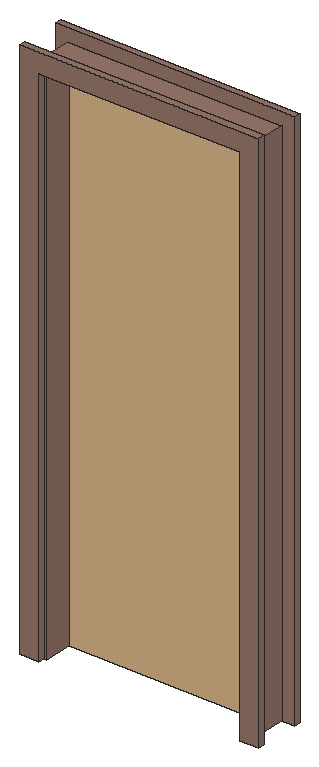
Revit family "Abrir - 1 Folha", category Portas, Revit 2015
Parameters (values of type "80 x 210 cm")
  Visual Light Transmittance = 0
  Espessura = 4 cm
  Solar Heat Gain Coefficient = 0
  ID do tipo de construção = "MPORTA"
  Coeficiente de transferência de calor (U) = 3.7021 W/(m²·K)
  Função = Interior
  Material da porta = Porta - Painel
  Material da estrutura = Porta - Batente
  Altura = 210 cm
  Projeção da apara externa = 2.5 cm
  Projeção da apara interna = 2.5 cm
  Largura da apara = 7.5 cm
  Fechamento da parede = Por hospedeiro
  Largura = 80 cm
  Construção analítica = "Metal"
Types (2, lengths in cm): name | Largura
  90 x 210 cm | 90
  80 x 210 cm | 80
Reference planes (cm)
  plane 1: y = 0
  plane 2: z = 0
  plane 3: x = 0
  plane 4: x = -40
  plane 5: x = 40
  plane 6: z = 210
  plane 7: x = -42.5
  plane 8: x = 42.5
  plane 9: z = 212.5
  plane 10: x = -39
Forms (cm)
  Extrusion 1, solid, material "Porta - Painel" <- "Material da porta"
    sketch origin (0, 0, 0) x (1, 0, 0) y (0, 0, 1)
      loop
        line (-40, 210) -> (-40, 0) -> (40, 0) -> (40, 210) -> (-40, 210)
    from -7.62 to -3.62
  Extrusion 2, solid, material "Porta - Batente" <- "Material da estrutura"
    sketch origin (-152.4, -7.62, 0) x (1, 0, 0) y (0, 0, 1)
      loop
        line (104.8, 217.6) -> (104.8, 0) -> (112.4, 0) -> (112.4, 210) -> (192.4, 210) -> (192.4, 0) -> (200, 0) -> (200, 217.6) -> (104.8, 217.6)
    from 0 to 2.5
  Extrusion 3, solid, material "Porta - Batente" <- "Material da estrutura"
    sketch origin (-152.4, 7.62, 0) x (-1, 0, 0) y (0, 0, 1)
      loop
        line (-200, 217.6) -> (-200, 0) -> (-192.4, 0) -> (-192.4, 210) -> (-112.4, 210) -> (-112.4, 0) -> (-104.8, 0) -> (-104.8, 217.6) -> (-200, 217.6)
    from 0 to 2.5
  Sweep 4, solid, material "Porta - Batente"
    path in 3D
      loop
        line (-42.5, -7.62, 0) -> (-42.5, -7.62, 212.5) -> (42.5, -7.62, 212.5) -> (42.5, -7.62, 0)
    profile origin (-42.5, -7.62, 106.25) x (0, -1, 0) y (1, 0, 0)
      loop
        line (0, 0) -> (0, 3.5) -> (-11.24, 3.5) -> (-11.24, 2.5) -> (-15.24, 2.5) -> (-15.24, 0) -> (0, 0)
Lines and regions (cm)
  Opening 1
    outline origin (-152.4, -7.62, 365.76) x (0, 0, -1) y (1, 0, 0)
      loop
        line (153.26, 109.9) -> (365.76, 109.9) -> (365.76, 194.9) -> (153.26, 194.9) -> (153.26, 109.9)
  Masking region 1
    outline origin (0, 0, 0) x (1, 0, 0) y (0, 1, 0)
      loop
        line (40, 87.62) -> (36, 87.62) -> (36, 7.62) -> (40, 7.62) -> (40, 87.62)
  symbolic lines, style "DoorsPanelProjection"
    curve 1: line (40, 7.62, 0) -> (36, 7.62, 0)
    curve 2: line (40, 7.62, 0) -> (40, 87.62, 0)
    curve 3: line (40, 87.62, 0) -> (36, 87.62, 0)
    curve 4: line (36, 7.62, 0) -> (36, 87.62, 0)
  symbolic lines, style "Giro da planta"
    curve 5: arc (36, 87.62, 0) -> (-18.0362, 62.8269, 0) -> (-40.0999, 7.62, 0) r 80.0999
  symbolic lines, style "Giro da elevação"
    curve 6: line (-40, 0, 210) -> (40, 0, 105)
    curve 7: line (40, 0, 105) -> (-40, 0, 0)
  sketch lines
    curve 8: line (-42.5, -7.62, 0) -> (-42.5, -7.62, 212.5)
    curve 9: line (-42.5, -7.62, 212.5) -> (42.5, -7.62, 212.5)
    curve 10: line (42.5, -7.62, 212.5) -> (42.5, -7.62, 0)
Dimensions and locks (cm)
  equal spacing: plane 4, plane 3, plane 5
  "Largura": plane 4 to plane 5
  locked: host wall to curve 1
  control icon elem to plane 5 = 20.4408 cm
  "Altura": plane 6 to plane 2
  "Projeção da apara externa": Extrusion 3 to host wall
  "Projeção da apara interna": Extrusion 2 to host wall
  "Espessura": curve 4 to plane 5
  "Espessura": Extrusion 1 to host wall
  equal spacing: plane 6, curve 7, level
  "Largura": curve 3 to curve 1
  plane 7 to plane 4 = 2.5 cm
  plane 5 to plane 8 = 2.5 cm
  plane 9 to plane 6 = 2.5 cm
  plane 7 to plane 10 = 3.5 cm
  aligned and locked: host wall to Extrusion 1
  aligned and locked: Extrusion 2 to Extrusion 3 sketch curve
  aligned and locked: Extrusion 3 sketch curve to Extrusion 2  (x2)
  aligned and locked: Masking region 1 sketch curve to curve 3
  aligned and locked: Masking region 1 sketch curve to curve 4
  aligned and locked: Masking region 1 sketch curve to curve 2
  aligned and locked: Masking region 1 sketch curve to curve 1
  aligned and locked: plane 7 to Opening 1 sketch curve
  aligned and locked: Opening 1 sketch curve to plane 9
  aligned and locked: Opening 1 sketch curve to plane 8
  aligned and locked: Sweep 4 sketch curve to host wall
  aligned and locked: host wall to Sweep 4 sketch curve
  aligned and locked: profile plane to Sweep 4 sketch curve
  aligned and locked: Sweep 4 sketch curve to plane 4
  aligned and locked: Sweep 4 sketch curve to plane 10
  aligned and locked: Sweep 4 sketch curve to Extrusion 1
Automatic sketch dimensions
  Opening 1 sketch curve to level = 0 cm
  Extrusion 1 sketch curve to plane 4 = 0 cm
  Extrusion 1 sketch curve to plane 5 = 0 cm
  Extrusion 1 sketch curve to level = 0 cm
  Extrusion 1 sketch curve to plane 6 = 0 cm
  Extrusion 2 sketch curve to level = 0 cm  (x2)
  Extrusion 2 sketch curve to plane 4 = 0 cm
  Extrusion 2 sketch curve to plane 5 = 0 cm
  Extrusion 2 sketch curve to plane 6 = 0 cm
  Extrusion 3 sketch curve to level = 0 cm  (x2)
  Extrusion 3 sketch curve to plane 5 = 0 cm
  Extrusion 3 sketch curve to plane 4 = 0 cm
  Extrusion 3 sketch curve to plane 6 = 0 cm
  curve 1 to plane 5 = 0 cm
  curve 5 to plane 5 = 0 cm
  curve 5 to host wall = 0 cm
  curve 6 to plane 4 = 0 cm
  curve 6 to plane 6 = 0 cm
  curve 7 to plane 5 = 0 cm
  curve 7 to level = 0 cm
  curve 7 to plane 4 = 0 cm
  plane 4 to Extrusion 2 sketch curve = 7.6 cm
  Extrusion 2 sketch curve to Extrusion 2 sketch curve = 7.6 cm
  Extrusion 2 sketch curve to plane 6 = 7.6 cm
